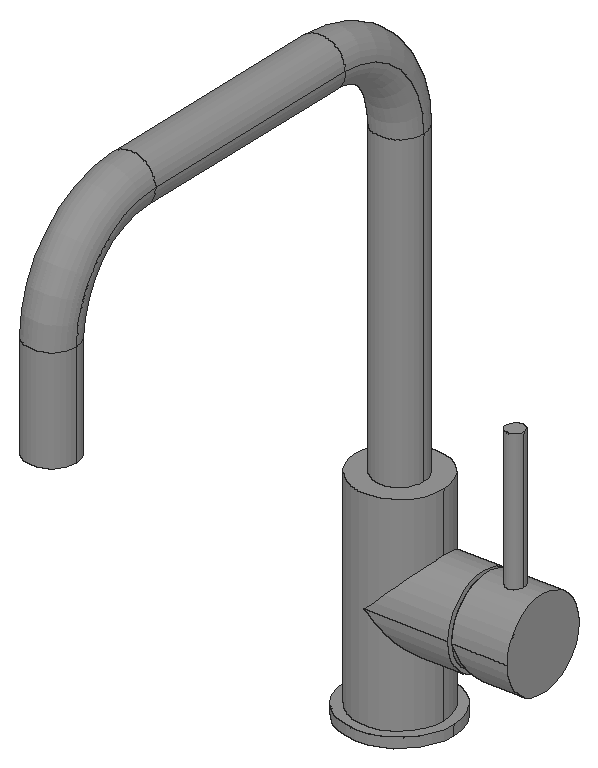
Revit family "Alma-KMBN1005-Charlotte Square Mixer-Nickel", category Plumbing Fixtures, Revit 2022
Family settings
  Round Connector Dimension = Use Diameter
  Part Type = Normal
  OmniClass Number = 23.45.00.00
  OmniClass Title = Sanitary, Laundry, and Cleaning Equipment
  Work Plane-Based = No
  Always vertical = Yes
  Cut with Voids When Loaded = No
  Maintain Annotation Orientation = No
  Shared = No
  Room Calculation Point = No
Parameters (values of type "Charlotte Nickel")
  URL = "https://www.buildmat.com.au/products/charlotte-brushed-nickel-square-mixer"
  Tap Material = Alma Nickel
  Model = "KMBN1005"  # constant formula
  Manufacturer = "BUILDMAT"  # constant formula
  Description = "Charlotte Square Mixer"  # constant formula
  Default Elevation = 0 mm
  Created = "22.12.2023"  # constant formula
  Brand = "Alma"  # constant formula
Reference planes
  plane 1 "Center (Front/Back)": y = 0
  plane 2 "Bottom": z = 0
  plane 3 "Center (Left/Right)": x = 0
  plane 4: y = -220
  plane 5 "Top": z = 330
  plane 6: z = 110
  plane 7: z = 215
  plane 8: z = 35
  plane 9: z = 150
  plane 10: x = 72.5
Forms (mm)
  Extrusion 1, solid, material "Alma Nickel" <- "Tap Material"
    sketch origin (0, 0, 0) x (1, 0, 0) y (0, 1, 0)
      loop
        circle (0, 0) r 27.5
    from 0 to 5
  Extrusion 2, solid, material "Alma Nickel" <- "Tap Material"
    sketch origin (0, 0, 0) x (1, 0, 0) y (0, 1, 0)
      loop
        circle (0, 0) r 22.5
    from 5 to 110
  Sweep 3, solid, material "Alma Nickel" <- "Tap Material"
    path origin (0, 0, 0) x (0, 1, 0) y (0, 0, 1)
      loop
        line (0, 110) -> (0, 267.5)
        arc (0, 267.5) -> (-14.645, 302.855) -> (-50, 317.5) r 50
        line (-50, 317.5) -> (-170, 317.5)
        arc (-170, 317.5) -> (-205.355, 302.855) -> (-220, 267.5) r 50
        line (-220, 267.5) -> (-220, 215)
    profile origin (0, 0, 188.75) x (0, -1, 0) y (1, 0, 0)
      loop
        circle (0, 0) r 12.5
  Extrusion 4, solid, material "Alma Nickel" <- "Tap Material"
    sketch origin (0, 0, -25) x (0, 1, 0) y (0, 0, 1)
      loop
        circle (0, 82.5) r 22.5
    from 0 to 42.5
  Extrusion 5, solid, material "Alma Nickel" <- "Tap Material"
    sketch origin (0, 0, -25) x (0, 1, 0) y (0, 0, 1)
      loop
        circle (0, 82.5) r 20.5
    from 42.5 to 72.5
  Extrusion 6, solid, material "Alma Nickel" <- "Tap Material"
    sketch origin (0, 0, -25) x (0, 1, 0) y (0, 0, 1)
      loop
        circle (0, 82.5) r 22.5
    from 44.5 to 72.5
  Extrusion 7, void
    sketch origin (-10, 0, -25) x (1, 0, 0) y (0, 0, 1)
      loop
        line (54.5, 60) -> (64.5, 60) -> (54.5, 82.5) -> (54.5, 60)
    from -22.5 to 22.5
  Extrusion 8, solid, material "Alma Nickel" <- "Tap Material"
    sketch origin (-10, 0, 0) x (1, 0, 0) y (0, 1, 0)
      loop
        circle (68.5, 0) r 4.5
    from 57.5 to 150
Cuts and joins
  Extrusion 7 cuts Extrusion 6
  joined: Extrusion 1, Extrusion 2, Sweep 3, Extrusion 4, Extrusion 5, Extrusion 6, Extrusion 8
Lines and regions (mm)
  symbolic lines, style "Axis"
    curve 1: line (0, 0, 0) -> (0, 0, 267.5)
    curve 2: line (0, -220, 215) -> (0, -220, 267.5)
    curve 3: line (0, 0, 0) -> (0, 0, 435)
    curve 4: line (0, -170, 317.5) -> (0, -50, 317.5)
    curve 5: arc (0, -170, 317.5) -> (0, -205.355, 302.855) -> (0, -220, 267.5) r 50
    curve 6: arc (0, -50, 317.5) -> (0, -14.645, 302.855) -> (0, 0, 267.5) r 50
Text (mm)
  text "Refer to www.buildmat.com.au for the most current product literature. \nAllow a +/- 5mm tolerance for dimensions shown in the product literature. \nPlease note product details are subject to change due to ongoing product development." at (0.056, -1035.857, 0), in view "Ref. Level"
Dimensions and locks
  plane 4 to plane 1 "Center (Front/Back)" = 220 mm
  plane 5 "Top" to plane 2 "Bottom" = 330 mm
  plane 6 to plane 2 "Bottom" = 110 mm
  plane 7 to plane 2 "Bottom" = 215 mm
  plane 9 to plane 8 to plane 2 "Bottom" = 115 mm, 35 mm
  Extrusion 1 to plane 10 = 100 mm
  aligned and locked: level to plane 2 "Bottom"
  aligned and locked: plane 6 to cut or joined group of Extrusion 1, Extrusion 2, Sweep 3, Extrusion 4, Extrusion 5, Extrusion 6, Extrusion 7, Extrusion 8
  aligned and locked: plane 6 to Sweep 3 sketch curve
